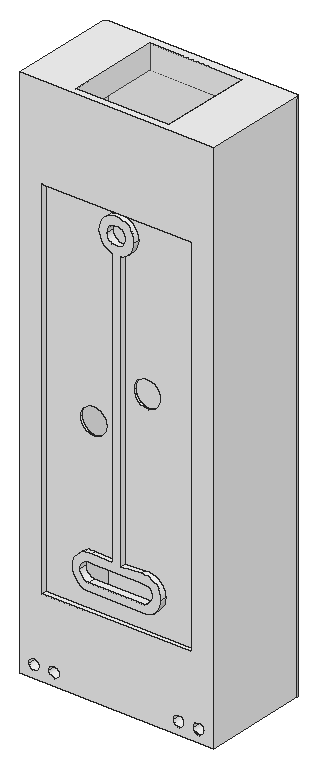
Revit family "STH9732BR_30_STH9732PTO_30", category Luminárias, Revit 2023
Family settings
  Hospedeiro = Parede
  Cota do conector redondo = Utilizar diâmetro
  Tipo de parte = Normal
  Número OmniClass = 23.80.70.00
  Título OmniClass = Lighting
  Sempre na vertical = Sim
  Corte com vazios quando carregada = Não
  Fonte luminosa = Sim
  Manter orientação da anotação = Não
  Compartilhado = Não
  Ponto de cálculo do ambiente = Não
Parameters (values of type "STH9732BR/30 - BRANCO - BIVOLT - 3000K - 20lm")
  Ângulo de inclinação = 90.00°
  Ângulo de Abertura = "4°/4°"
  Wattage = 0.134642 W
  Vidro = Vidro
  URL = "https://stella.com.br/"
  Troca de temperatura da cor de lâmpada com esmaecimento = <Nenhum>
  Tensão Elétrica = "100V-240V"
  built-in parameter 1150107 = 3000 (stored number, unit not read)
  Temperatura da cor (K) = 3000 K
  Referência = "STH9732BR/30"
  Potência = 5 W
  built-in parameter 1150110 = 1 (stored number, unit not read)
  built-in parameter 1150109 = 1 (stored number, unit not read)
  built-in parameter 1114218 = 1 (stored number, unit not read)
  built-in parameter 1150112 = 1 (stored number, unit not read)
  built-in parameter 1150113 = 1 (stored number, unit not read)
  built-in parameter 1150132 = 2
  built-in parameter 1150137 = (empty or 0)
  Modelo = "Wall Mini"
  Luminoso = Luminoso - 3000K
  Elevação padrão = 0.004851 m
  Largura = 0.02 m
  built-in parameter 1150102 = (empty or 0)
  built-in parameter 1150105 = 1.5915 (stored number, unit not read)
  IRC (Índice de reprodução de cores) = ">80"
  Grau de proteção (IP) = "IP65"
  Fluxo Luminoso = 20 lm
  Color Filter = 16777215
  built-in parameter 1114217 = 1 (stored number, unit not read)
  built-in parameter 1150139 = (empty or 0)
  Fabricante = "Stella"
  Estrutura = Al - Branco
  Default Elevation = 0.00 m
  built-in parameter 1150104 = 13.8 (stored number, unit not read)
  Dimerização = "Não dimerizável"
  built-in parameter 1150115 = 1 (stored number, unit not read)
  built-in parameter 1150114 = 1 (stored number, unit not read)
  Lumens = 20 lm
  built-in parameter 1150138 = (empty or 0)
  built-in parameter 1150134 = (empty or 0)
  Comprimento = 0.036 m
  Arquivo de rede fotométrica = "STELLA - WALL MINI - FACHO FECHADO.ies"
  Altura = 0.10 m
  built-in parameter 1150133 = 10 (stored number, unit not read)
Types (3, lengths in m): name | Referência | Estrutura
  (no name) | "STH9732BR/30" | Al - Branco
  STH9732BR/30 - BRANCO - BIVOLT - 3000K - 20lm | "STH9732BR/30" | Al - Branco
  STH9732PTO/30 - PRETO - BIVOLT - 3000K - 20lm | "STH9732PTO/30" | Al - Preto
Reference planes (m)
  plane 1: y = 0
  plane 2 "Eixo de origem da luz (F/T)": y = 0.1132
  plane 3 "Plano de inclinação da fonte de luz": x = -0.036356
  plane 4 "Elevação da origem da luz": z = 1
  plane 5: x = -0.018356
  plane 6: x = -0.054356
  plane 7: y = 0.1232
  plane 8 "Superior": z = 1.05
  plane 9: z = 0.95
  plane 10 "Centro": z = 1
Forms (m)
  Extrusion 1, solid, material "Al - Branco" <- "Estrutura"
    sketch origin (0, 0, 1) x (0, 1, 0) y (-1, 0, 0)
      loop
        arc (0.1232, 0.053756) -> (0.123024, 0.05418) -> (0.1226, 0.054356) r 0.0006
        line (0.1226, 0.054356) -> (0.1032, 0.054356) -> (0.1032, 0.018356) -> (0.1226, 0.018356)
        arc (0.1226, 0.018356) -> (0.123024, 0.018531) -> (0.1232, 0.018956) r 0.0006
        line (0.1232, 0.018956) -> (0.1232, 0.053756)
      loop
        line (0.104493, 0.052956) -> (0.104493, 0.019756) -> (0.121793, 0.019756) -> (0.121793, 0.052956) -> (0.104493, 0.052956)
    from -0.05 to 0.05
  Extrusion 2, solid, material "Vidro" <- "Vidro"
    sketch origin (-0.000175, 0, 1) x (0, 1, 0) y (-1, 0, 0)
      loop
        line (0.104493, 0.044856) -> (0.104493, 0.027506) -> (0.121793, 0.027506) -> (0.121793, 0.044856) -> (0.104493, 0.044856)
    from 0.0455 to 0.05
  Extrusion 3, solid, material "Vidro" <- "Vidro"
    sketch origin (-0.000175, 0, 1) x (0, 1, 0) y (-1, 0, 0)
      loop
        line (0.104493, 0.044856) -> (0.104493, 0.027506) -> (0.121793, 0.027506) -> (0.121793, 0.044856) -> (0.104493, 0.044856)
    from -0.05 to -0.045483
  Extrusion 4, void
    sketch origin (-0.036356, 0, 0) x (0, -1, 0) y (0, 0, 1)
      loop
        line (-0.110858, 0.956738) -> (-0.106144, 0.956738) -> (-0.105431, 0.95753) -> (-0.111496, 0.95753) -> (-0.110858, 0.956738)
      loop
        line (-0.106144, 0.955785) -> (-0.110858, 0.955785) -> (-0.110858, 0.954985) -> (-0.106144, 0.954985) -> (-0.106144, 0.955785)
      loop
        line (-0.110858, 0.954033) -> (-0.111496, 0.953241) -> (-0.105431, 0.953241) -> (-0.106144, 0.954033) -> (-0.110858, 0.954033)
    from 0.01737 to 0.018
  Extrusion 5, void
    sketch origin (0, 0.1132, 0) x (1, 0, 0) y (0, 0, 1)
      loop
        line (-0.022456, 1.0329) -> (-0.050256, 1.0329) -> (-0.050256, 0.9646) -> (-0.022456, 0.9646) -> (-0.022456, 1.0329)
      loop
        arc (-0.039606, 1.029) -> (-0.038905, 1.026984) -> (-0.037106, 1.025838) r 0.00325
        line (-0.037106, 1.025838) -> (-0.037106, 0.974255)
        arc (-0.037106, 0.974255) -> (-0.039027, 0.974315) -> (-0.040945, 0.974443) r 0.05475
        arc (-0.040945, 0.974443) -> (-0.044536, 0.97164) -> (-0.041799, 0.968) r 0.00325
        arc (-0.041799, 0.968) -> (-0.036409, 0.967758) -> (-0.031019, 0.967991) r 0.061242
        arc (-0.031019, 0.967991) -> (-0.028906, 0.969033) -> (-0.028052, 0.971228) r 0.00325
        arc (-0.028052, 0.971228) -> (-0.029187, 0.973696) -> (-0.0318, 0.97444) r 0.00325
        arc (-0.0318, 0.97444) -> (-0.033701, 0.974314) -> (-0.035606, 0.974255) r 0.05475
        line (-0.035606, 0.974255) -> (-0.035606, 1.025838)
        arc (-0.035606, 1.025838) -> (-0.033806, 1.026984) -> (-0.033106, 1.029) r 0.00325
        arc (-0.033106, 1.029) -> (-0.036356, 1.03225) -> (-0.039606, 1.029) r 0.00325
    from 0.009 to 0.01
  Extrusion 6, void
    sketch origin (0, 0.1132, 0) x (1, 0, 0) y (0, 0, 1)
      loop
        circle (-0.031356, 1.004) r 0.0025
      loop
        circle (-0.041356, 0.996) r 0.0025
      loop
        arc (-0.041097, 0.97295) -> (-0.042531, 0.972572) -> (-0.043159, 0.971228) r 0.00175
        arc (-0.043159, 0.971228) -> (-0.0427, 0.970046) -> (-0.041562, 0.969485) r 0.00175
        arc (-0.041562, 0.969485) -> (-0.03633, 0.969258) -> (-0.031098, 0.969489) r 0.059742
        arc (-0.031098, 0.969489) -> (-0.029666, 0.971472) -> (-0.031614, 0.97295) r 0.00175
        arc (-0.031614, 0.97295) -> (-0.036356, 0.97275) -> (-0.041097, 0.97295) r 0.05625
      loop
        circle (-0.036356, 1.029) r 0.00175
    from 0.008564 to 0.010221
  Extrusion 7, void
    sketch origin (0, 0.1132, 0) x (1, 0, 0) y (0, 0, 1)
      loop
        circle (-0.047918, 0.952267) r 0.001
      loop
        circle (-0.051669, 0.952267) r 0.001
      loop
        circle (-0.024793, 0.952267) r 0.001
      loop
        circle (-0.021042, 0.952267) r 0.001
    from -0.008 to 0.01
  Extrusion 8, solid, material "Al - Branco" <- "Estrutura"
    sketch origin (-0.0081, -0.03, 1) x (0, 1, 0) y (-1, 0, 0)
      loop
        line (0.134493, 0.044856) -> (0.134493, 0.03693) -> (0.151793, 0.03693) -> (0.151793, 0.044856) -> (0.134493, 0.044856)
      loop
        line (0.134493, 0.011656) -> (0.151793, 0.011656) -> (0.151793, 0.019581) -> (0.134493, 0.019581) -> (0.134493, 0.011656)
    from 0.0455 to 0.05
  Extrusion 9, solid, material "Al - Branco" <- "Estrutura"
    sketch origin (-0.0081, -0.03, 1) x (0, 1, 0) y (-1, 0, 0)
      loop
        line (0.134493, 0.044856) -> (0.134493, 0.03693) -> (0.151793, 0.03693) -> (0.151793, 0.044856) -> (0.134493, 0.044856)
      loop
        line (0.134493, 0.011656) -> (0.151793, 0.011656) -> (0.151793, 0.019581) -> (0.134493, 0.019581) -> (0.134493, 0.011656)
    from -0.05 to -0.045483
Cuts and joins
  Extrusion 4, Extrusion 5, Extrusion 6, Extrusion 7 cuts Extrusion 1
  Extrusion 7 cuts Extrusion 8
  Extrusion 7 cuts Extrusion 9
  joined: Extrusion 1, Extrusion 8, Extrusion 9
Text (m)
  text "Lado da colocação" at (0, 1.019848, 2.864603), in view "Direita"
  text "Lado da colocação" at (-0.587662, 0.683012, 0), in view "Nível de referência"
  text "Lado da colocação" at (0, 1.126291, 3.231227), in view "Esquerda"
  text "90 graus" at (-0.2286, 1.437863, 1.679117), in view "Esquerda"
  text "Inclinação da luz de 0 graus" at (-0.2286, 0.870797, 0.30306), in view "Esquerda"
  text "180 graus" at (-0.2286, 0.532154, 2.511909), in view "Esquerda"
Dimensions and locks (m)
  "Comprimento": plane 6 to plane 5
  "Largura": cut or joined group of Extrusion 1, Extrusion 4, Extrusion 5, Extrusion 6, Extrusion 7, Extrusion 8, Extrusion 9 to plane 7
  "Altura": plane 9 to plane 8 "Superior"
  aligned and locked: Extrusion 1 to plane 9
  aligned and locked: plane 8 "Superior" to Extrusion 1
  aligned and locked: Extrusion 1 to Extrusion 2
Automatic sketch dimensions
  host wall to Extrusion 1 sketch curve = 0.00 m
  Extrusion 1 sketch curve to plane 5 = 0.00 m
  Extrusion 1 sketch curve to plane 6 = 0.00 m
  Extrusion 1 sketch curve to plane 7 = 0.00 m
  host wall to Extrusion 1 sketch curve = 0.001293 m
  Extrusion 1 sketch curve to plane 7 = 0.001407 m
  plane 6 to Extrusion 1 sketch curve = 0.0006 m
  Extrusion 1 sketch curve to plane 7 = 0.0006 m
  Extrusion 1 sketch curve to plane 5 = 0.0014 m
  Extrusion 1 sketch curve to Extrusion 1 sketch curve = 0.0008 m
  host wall to Extrusion 2 sketch curve = 0.001293 m
  Extrusion 2 sketch curve to plane 7 = 0.001407 m
  Extrusion 2 sketch curve to plane 3 "Plano de inclinação da fonte de luz" = 0.008675 m
  plane 3 "Plano de inclinação da fonte de luz" to Extrusion 2 sketch curve = 0.008675 m
  host wall to Extrusion 3 sketch curve = 0.001293 m
  Extrusion 3 sketch curve to plane 7 = 0.001407 m
  Extrusion 3 sketch curve to plane 3 "Plano de inclinação da fonte de luz" = 0.008675 m
  plane 3 "Plano de inclinação da fonte de luz" to Extrusion 3 sketch curve = 0.008675 m
  plane 2 "Eixo de origem da luz (F/T)" to Extrusion 4 sketch curve = 0.001704 m  (x2)
  Extrusion 4 sketch curve to Extrusion 4 sketch curve = 0.000638 m  (x2)
  Extrusion 4 sketch curve to Extrusion 4 sketch curve = 0.00 m  (x3)
  host wall to Extrusion 4 sketch curve = 0.002944 m
  Extrusion 4 sketch curve to Extrusion 4 sketch curve = 0.000713 m  (x2)
  plane 9 to Extrusion 4 sketch curve = 0.003241 m
  Extrusion 4 sketch curve to Extrusion 4 sketch curve = 0.000792 m  (x2)
  Extrusion 4 sketch curve to Extrusion 4 sketch curve = 0.000953 m  (x2)
  Extrusion 4 sketch curve to Extrusion 4 sketch curve = 0.0008 m
  plane 3 "Plano de inclinação da fonte de luz" to Extrusion 5 sketch curve = 0.00075 m
  plane 6 to Extrusion 5 sketch curve = 0.0041 m
  Extrusion 5 sketch curve to plane 3 "Plano de inclinação da fonte de luz" = 0.00075 m
  Extrusion 5 sketch curve to plane 5 = 0.0041 m
  plane 9 to Extrusion 5 sketch curve = 0.0146 m
  Extrusion 5 sketch curve to Extrusion 5 sketch curve = 0.003027 m
  Extrusion 5 sketch curve to Extrusion 5 sketch curve = 0.00 m  (x11)
  Extrusion 5 sketch curve to plane 8 "Superior" = 0.024162 m
  Extrusion 5 sketch curve to Extrusion 5 sketch curve = 0.003162 m
  Extrusion 5 sketch curve to Extrusion 5 sketch curve = 0.0039 m
  Extrusion 5 sketch curve to Extrusion 5 sketch curve = 0.000369 m
  Extrusion 5 sketch curve to Extrusion 5 sketch curve = 0.000498 m
  plane 3 "Plano de inclinação da fonte de luz" to Extrusion 6 sketch curve = 0.005 m
  Extrusion 6 sketch curve to plane 3 "Plano de inclinação da fonte de luz" = 0.005 m
  plane 4 "Elevação da origem da luz" to Extrusion 6 sketch curve = 0.004 m
  Extrusion 6 sketch curve to plane 4 "Elevação da origem da luz" = 0.004 m
  Extrusion 6 sketch curve to Extrusion 6 sketch curve = 0.0025 m  (x2)
  plane 6 to Extrusion 7 sketch curve = 0.002687 m
  Extrusion 7 sketch curve to Extrusion 7 sketch curve = 0.003751 m
  plane 9 to Extrusion 7 sketch curve = 0.002267 m  (x4)
  Extrusion 7 sketch curve to plane 5 = 0.006437 m
  Extrusion 7 sketch curve to plane 5 = 0.002687 m
  host wall to Extrusion 8 sketch curve = 0.001293 m  (x2)
  Extrusion 8 sketch curve to plane 7 = 0.001407 m  (x2)
  Extrusion 8 sketch curve to plane 5 = 0.0014 m
  Extrusion 8 sketch curve to Extrusion 8 sketch curve = 0.007925 m
  plane 3 "Plano de inclinação da fonte de luz" to Extrusion 8 sketch curve = 0.008675 m
  plane 6 to Extrusion 8 sketch curve = 0.0014 m
  host wall to Extrusion 9 sketch curve = 0.001293 m  (x2)
  Extrusion 9 sketch curve to plane 7 = 0.001407 m  (x2)
  plane 6 to Extrusion 9 sketch curve = 0.0346 m
  Extrusion 9 sketch curve to Extrusion 9 sketch curve = 0.007925 m  (x2)
  Extrusion 9 sketch curve to Extrusion 9 sketch curve = 0.01735 m
  plane 3 "Plano de inclinação da fonte de luz" to Extrusion 5 sketch curve = 0.00 m
  plane 3 "Plano de inclinação da fonte de luz" to Extrusion 5 sketch curve = 0.004959 m
  Extrusion 5 sketch curve to plane 3 "Plano de inclinação da fonte de luz" = 0.005054 m
  Extrusion 5 sketch curve to Extrusion 5 sketch curve = 0.006614 m
  Extrusion 5 sketch curve to Extrusion 5 sketch curve = 0.000015 m
  Extrusion 5 sketch curve to Extrusion 5 sketch curve = 0.000484 m
  Extrusion 6 sketch curve to Extrusion 6 sketch curve = 0.00 m  (x5)
  plane 3 "Plano de inclinação da fonte de luz" to Extrusion 6 sketch curve = 0.005054 m
  plane 9 to Extrusion 6 sketch curve = 0.021228 m
  Extrusion 6 sketch curve to Extrusion 6 sketch curve = 0.00175 m
  Extrusion 6 sketch curve to Extrusion 6 sketch curve = 0.000153 m
  Extrusion 6 sketch curve to Extrusion 6 sketch curve = 0.000312 m
  plane 3 "Plano de inclinação da fonte de luz" to Extrusion 6 sketch curve = 0.00 m
  Extrusion 6 sketch curve to plane 8 "Superior" = 0.021 m
  Extrusion 6 sketch curve to plane 3 "Plano de inclinação da fonte de luz" = 0.004741 m
  Extrusion 6 sketch curve to Extrusion 6 sketch curve = 0.000516 m
  Extrusion 6 sketch curve to Extrusion 6 sketch curve = 0.000217 m
  plane 3 "Plano de inclinação da fonte de luz" to Extrusion 6 sketch curve = 0.00175 m
  radius of Extrusion 7 sketch curve = 0.001 m  (x4)
Nested families (m)
  nested 1: "Fonte Luminosa Wall Mini - Facho Fechado" at (-0.036356, 0.1052, 1.050001) x (0, 1, 0) z (0, 0, 1), type "Fonte Luminosa Wall Mini - Facho Fechado"
Connectors (m)
  electrical at (-0.036356, 0.1132, 1)
    settings: index 1, voltage 0 V, apparent load 0 VA, apparent load phase1 0 VA, apparent load phase2 0 VA, apparent load phase3 0 VA, power factor 1, load classification "Outro", number of poles 1, system type 31, power factor state 1, is connector primary yes, connector utility no, sub classification motor no, connector description ""
Definition of nested family "Fonte Luminosa Wall Mini - Facho Fechado"
  Parameters (values of type "Fonte Luminosa Wall Mini - Facho Fechado")
    Tilt Angle = 90.00°
    Wattage = 0.134642 W
    built-in parameter 1150110 = 1 (stored number, unit not read)
    built-in parameter 1114217 = 1 (stored number, unit not read)
    built-in parameter 1150109 = 1 (stored number, unit not read)
    Default Elevation = 0.00 m
    built-in parameter 1150134 = (empty or 0)
    built-in parameter 1150113 = 1 (stored number, unit not read)
    Lumens = 20 lm
    built-in parameter 1150115 = 1 (stored number, unit not read)
    built-in parameter 1150105 = 32.453 (stored number, unit not read)
    built-in parameter 1150137 = (empty or 0)
    built-in parameter 1150139 = (empty or 0)
    built-in parameter 1150112 = 1 (stored number, unit not read)
    built-in parameter 1150114 = 1 (stored number, unit not read)
    built-in parameter 1150132 = 2
    built-in parameter 1150102 = (empty or 0)
    built-in parameter 1150138 = (empty or 0)
    built-in parameter 1150107 = 3000 (stored number, unit not read)
    built-in parameter 1150106 = 0.32453 (stored number, unit not read)
    built-in parameter 1150104 = 13.8 (stored number, unit not read)
    Dimming Lamp Color Temperature Shift = (empty or 0)
    Color Filter = 16777215
    built-in parameter 1114218 = 1 (stored number, unit not read)
    Photometric Web File = "STELLA - WALL MINI - FACHO FECHADO.ies"
    built-in parameter 1150133 = 10 (stored number, unit not read)
  Reference planes (m)
    plane 1 "Eixo de origem da luz (F/T)": y = 0
    plane 2: z = 0
    plane 3 "Eixo de origem da luz (E/D)": x = 0
    plane 4 "Elevação da origem da luz": z = 0
  Dimensions and locks (m)
    aligned and locked: plane 4 "Elevação da origem da luz" to imposter light
    aligned and locked: level to plane 2
